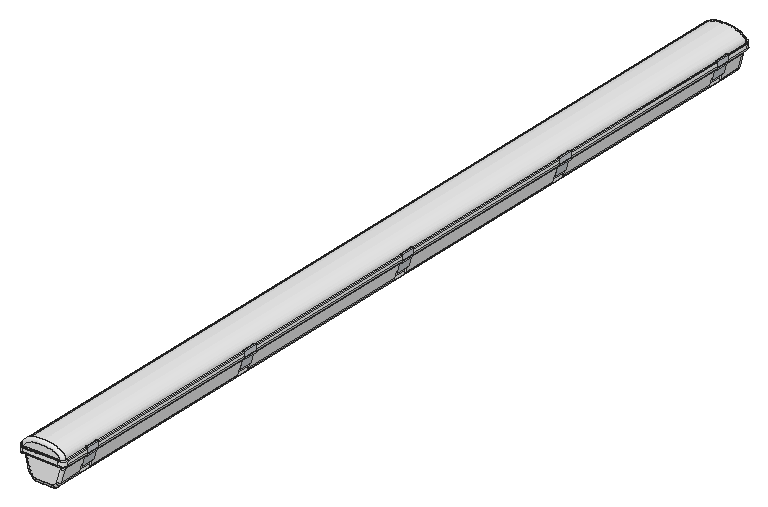
Revit family "0048722 Sylvania Lighting Fixture SYLPRF SUP LED G3 1500MM S 4K E3", category Lighting Fixtures, host Face, Revit 2016
Family settings
  Host = Face
  Part Type = Normal
  Round Connector Dimension = Use Diameter
  OmniClass Number = 23.80.70.11.14
  OmniClass Title = General Luminaries, Directional
  Cut with Voids When Loaded = No
  Light Source = Yes
  Shared = No
  Room Calculation Point = No
Parameters (values of type "0048722 SYLPRF SUP LED G3 1500MM S 4K E3")
  Width = 84 mm
  Weight = "2.26 kg"
  Wattage Comments = "n/a"
  Wattage = 33 W
  WarrantyStartDate [instance] = "n/a"
  WarrantyGuarantorParts = "n/a"
  WarrantyDurationUnit = "n/a"
  WarrantyDurationParts = "n/a"
  WarrantyDescription = "n/a"
  built-in parameter 1150110 = 1 (stored number, unit not read)
  Voltage = 230 V
  URL = "http://www.sylvania-lighting.com"
  TypeName = "SYLPRF SUP LED G3 1500MM S 4K E3"
  Type Image = <None>
  Type Comments = "n/a"
  built-in parameter 1114217 = 1 (stored number, unit not read)
  Tilt Angle = -90.00°
  built-in parameter 1150109 = 1 (stored number, unit not read)
  built-in parameter 1150134 = 12
  built-in parameter 1150113 = 1 (stored number, unit not read)
  SerialNumber [instance] = "n/a"
  ReflectorMaterial = none
  PowerFactor = 0
  PowerConsumption = "33 W"
  Photometric Web File = "0048722.ies"
  NominalWidth = 0 mm
  NominalLength = 1578 mm
  NominalHeight = 75 mm
  Name = "SYLPRF SUP LED G3 1500MM S 4K E3"
  ModelReference = "SYLPRF SUP LED G3 1500MM S 4K E3"
  ModelNumber = "0048722"
  Model = "SYLPRF SUP LED G3 1500MM S 4K E3"
  Material = "polycarbonate housing, polycarbonate diffuser"
  ManufacturerName = "Feilo Sylvania"
  Manufacturer = "Feilo Sylvania"
  LuminousEfficacy = "145 lm/W"
  built-in parameter 1150105 = 380.78 (stored number, unit not read)
  Lumens = 4785 lm
  LuminaireType = ""
  built-in parameter 1150115 = 1 (stored number, unit not read)
  LightOutputRatio = "n/a"
  built-in parameter 1150137 = (empty or 0)
  built-in parameter 1150139 = (empty or 0)
  Length = 1572 mm
  LampsType = Lamp  # "LED"
  LampNominalLuminous = "4800 lm"
  LampMacAdamStep = "3"
  LampColourTemperature = "4000 K"
  LampColourRenderingIndex = "80"
  built-in parameter 1150112 = 1 (stored number, unit not read)
  built-in parameter 1150114 = 1 (stored number, unit not read)
  Lamp = "LED"
  Keynote = "16500"
  InstallationDate [instance] = "n/a"
  InputVoltage = "220-240V~"
  InputNominalFrequency = "50/60 Hz"
  built-in parameter 1150132 = (empty or 0)
  built-in parameter 1150102 = (empty or 0)
  built-in parameter 1150107 = 4000 (stored number, unit not read)
  built-in parameter 1150138 = (empty or 0)
  IngressProtection = "IP65"
  ImpactProtectionIndex = "IK08"
  built-in parameter 1150106 = 3.8078 (stored number, unit not read)
  IfcExportType = "IfcLightFixtureType"
  IfcExportAs = "IfcLightFixtureType"
  ExpectedLife = 50000
  Emit from Rectangle Width = Width - 20 mm  # 64 mm
  Emit from Rectangle Length = Length - 20 mm  # 1552 mm
  Emit Shape Visible in Rendering = no
  ElectricShockClassification = "Class I"
  built-in parameter 1150104 = 13.471 (stored number, unit not read)
  DurationUnit = "hours"
  DocumentationLiterature = "http://www.sylvania-lighting.com/product/en-int/products/0048722"
  DimmingControlOptions = "Non dimmable"
  Dimming Lamp Color Temperature Shift = <None>
  DiffuserMaterial = Diffuser-Sylvania-Transparent
  Description = "Sylproof Superia, integrated LED weatherproof luminaire, with UV stabilized flat diffuser and linear prisms designed to achieve uniform lit appearance, optimise light output and to reduce glare, stainless steel diffuser clips and fixing brackets for surface and wall mounting. L 1578 mm x W 84 mm x H 75 mm size, Polycarbonate housing, Polycarbonate diffuser, Non dimmable,   3 hour emergency, 4000K, CRI80,  4800 lm, 33 W, 145 lm/W, nominal average life (h):50000, energy class: A++ A+ A Class I,IK08, IP65."
  Default Elevation = 1219.2 mm
  CreatedOn = "3/27/2018"
  CreatedBy = "aron.fodor@feilosylvania.com"
  Cost = 0
  Color Filter = 16777215
  built-in parameter 1114216 [instance] = (empty or 0)
  ClassificationValue = "EF_70_80"
  ClassificationName = "Uniclass2015"
  BodyMaterial = Body-Sylvania-Gray
  BarCode [instance] = "n/a"
  built-in parameter 1114218 = 1 (stored number, unit not read)
  built-in parameter 1150133 = 10 (stored number, unit not read)
  AssetType = "Fixed"
  AssetIdentifier [instance] = "n/a"
  Assembly Code = "D5020200"
  Apparent Load = 33 VA
  AccessoryMaterial = Diffuser-Sylvania-Glow
Types (2, lengths in mm): name | Wattage | PowerConsumption | Photometric Web File | built-in parameter 1150105 | Lumens | LampNominalLuminous | built-in parameter 1150106 | Apparent Load
  0048722 SYLPRF SUP LED G3 1500MM S 4K E3 | 33 W | "33 W" | "0048722.ies" | 380.78 (stored number, unit not read) | 4785 lm | "4800 lm" | 3.8078 (stored number, unit not read) | 33 VA
  0048722 SYLPRF SUP LED G3 1500MM S 4K E3 Emergency mode | 1.51724 W | "1.51 W" | "0048722EM.ies" | 17.507 (stored number, unit not read) | 220 lm | "220 lm" | 0.17507 (stored number, unit not read) | 1.51724 VA
Reference planes
  plane 1 "Center (Front/Back)": y = 0
  plane 2: z = 0
  plane 3 "Center (Left/Right)": x = 0
  plane 4: z = 54
  plane 5: x = -14.7
  plane 6: x = -21.8
  plane 7: x = -26.6
  plane 8: x = -29.2
  plane 9: z = 3
  plane 10: z = 7.8
  plane 11: z = 12.3
  plane 12: z = 36.6
  plane 13: z = 42.8
  plane 14: x = -38.1
  plane 15: z = 46.2
  plane 16: x = -42
  plane 17: y = 786
  plane 18: y = -786
  plane 19: x = 14.7
  plane 20: x = 21.8
  plane 21: x = 26.6
  plane 22: x = 29.2
  plane 23: x = 38.1
  plane 24: x = 42
  plane 25: y = 778.4
  plane 26: y = -778.4
  plane 27: y = -774.7
  plane 28: y = 774.7
  plane 29: z = 74
  plane 30: x = -38.5
  plane 31: x = 38.5
  plane 32: z = 55.2
  plane 33: y = -782.5
  plane 34: y = 782.5
  plane 35: x = -24.5
  plane 36: x = 24.5
  plane 37: x = -35.7
  plane 38: x = 35.7
  plane 39: z = 50.2
  plane 40: z = 24.6
  plane 41: y = -720
  plane 42: y = -734
  plane 43: y = -706
  plane 44: y = 720
  plane 45: y = -720
  plane 46: y = -734
  plane 47: y = -706
  plane 48: y = 720
  plane 49: y = 706
  plane 50: y = 734
  plane 51: y = -360
  plane 52: y = -374
  plane 53: y = -346
  plane 54: y = 0
  plane 55: y = -14
  plane 56: y = 14
  plane 57: y = 360
  plane 58: y = 346
  plane 59: y = 374
Forms (mm)
  Sweep 1, solid, material "Body-Sylvania-Gray" <- "BodyMaterial", detail levels medium+fine
    path origin (1223.4, -4572, 54) x (0, -1, 0) y (1, 0, 0)
      loop
        arc (-3796, -1265.4) -> (-3788.929, -1262.471) -> (-3786, -1255.4) r 10
        line (-3786, -1255.4) -> (-3786, -1191.4)
        arc (-3786, -1191.4) -> (-3788.929, -1184.329) -> (-3796, -1181.4) r 10
        line (-3796, -1181.4) -> (-5348, -1181.4)
        arc (-5348, -1181.4) -> (-5355.071, -1184.329) -> (-5358, -1191.4) r 10
        line (-5358, -1191.4) -> (-5358, -1255.4)
        arc (-5358, -1255.4) -> (-5355.071, -1262.471) -> (-5348, -1265.4) r 10
        line (-5348, -1265.4) -> (-3796, -1265.4)
    profile origin (-42, 0, 54) x (-1, 0, 0) y (0, 0, 1)
      loop
        line (0, 0) -> (-1, 0) -> (-1, -7.726)
        arc (-1, -7.726) -> (-1.994, -9.498) -> (-3.9, -10.2) r 2.937
        line (-3.9, -10.2) -> (-8.571, -10.2) -> (-8.571, -11.2) -> (-3.9, -11.2)
        arc (-3.9, -11.2) -> (-1.313, -10.231) -> (0, -7.8) r 3.937
        line (0, -7.8) -> (0, 0)
  Sweep 2, solid, material "Body-Sylvania-Gray" <- "BodyMaterial", detail levels medium+fine
    path origin (0, 0, 0) x (1, 0, 0) y (0, 0, 1)
      loop
        line (35.7, 42.8) -> (35.7, 36.6) -> (29.203, 12.31)
        arc (29.203, 12.31) -> (28.199, 9.884) -> (26.6, 7.8) r 10.052
        line (26.6, 7.8) -> (21.8, 3)
        arc (21.8, 3) -> (18.554, 0.781) -> (14.7, 0) r 9.902
        line (14.7, 0) -> (0, 0) -> (-14.7, 0)
        arc (-14.7, 0) -> (-18.554, 0.781) -> (-21.8, 3) r 9.902
        line (-21.8, 3) -> (-26.6, 7.8)
        arc (-26.6, 7.8) -> (-28.199, 9.884) -> (-29.203, 12.31) r 10.052
        line (-29.203, 12.31) -> (-35.7, 36.6) -> (-35.7, 42.8)
    profile origin (0, 0, 0) x (0, 0, -1) y (0, -1, 0)
      loop
        arc (0, 773.4) -> (-1.464, 776.936) -> (-5, 778.4) r 5
        line (-5, 778.4) -> (-7.8, 778.4) -> (-7.8, -778.4) -> (-5, -778.4)
        arc (-5, -778.4) -> (-1.464, -776.936) -> (0, -773.4) r 5
        line (0, -773.4) -> (0, 773.4)
  Extrusion 3, solid, material "Body-Sylvania-Gray" <- "BodyMaterial", detail levels medium+fine
    sketch origin (1524, 778.4, 1219.2) x (1, 0, 0) y (0, 0, 1)
      loop
        arc (-1545.668, -1204.874) -> (-1545.443, -1205.418) -> (-1545.085, -1205.885) r 2.252
        line (-1545.085, -1205.885) -> (-1540.231, -1210.738)
        arc (-1540.231, -1210.738) -> (-1539.534, -1211.227) -> (-1538.7, -1211.4) r 2.102
        line (-1538.7, -1211.4) -> (-1509.3, -1211.4)
        arc (-1509.3, -1211.4) -> (-1508.466, -1211.227) -> (-1507.769, -1210.738) r 2.102
        line (-1507.769, -1210.738) -> (-1502.915, -1205.885)
        arc (-1502.915, -1205.885) -> (-1502.557, -1205.418) -> (-1502.332, -1204.874) r 2.252
        line (-1502.332, -1204.874) -> (-1496.1, -1181.575) -> (-1496.1, -1176.4) -> (-1551.9, -1176.4) -> (-1551.9, -1181.575) -> (-1545.668, -1204.874)
    from 0 to 1556.8
  Sweep 4, solid, material "Diffuser-Sylvania-Transparent" <- "DiffuserMaterial", detail levels medium+fine
    path origin (0, 0, 0) x (1, 0, 0) y (0, 0, 1)
      loop
        spline (-38.5, 55.2) -> (-37.188, 60.066) -> (-33.342, 64.6) -> (-27.224, 68.494) -> (-19.25, 71.481) -> (-9.965, 73.359) -> (0, 74) -> (9.965, 73.359) -> (19.25, 71.481) -> (27.224, 68.494) -> (33.342, 64.6) -> (37.188, 60.066) -> (38.5, 55.2)
    profile origin (38.5, 0, 55.2) x (0, -1, 0) y (1, 0, 0)
      loop
        arc (782.5, -5.5) -> (780.889, -1.611) -> (777, 0) r 5.5
        line (777, 0) -> (-777, 0)
        arc (-777, 0) -> (-780.889, -1.611) -> (-782.5, -5.5) r 5.5
        line (-782.5, -5.5) -> (-782.5, -6.3) -> (-781.5, -6.3) -> (-781.5, -5.5)
        arc (-781.5, -5.5) -> (-780.182, -2.318) -> (-777, -1) r 4.5
        line (-777, -1) -> (777, -1)
        arc (777, -1) -> (780.182, -2.318) -> (781.5, -5.5) r 4.5
        line (781.5, -5.5) -> (781.5, -6.347) -> (782.5, -6.347) -> (782.5, -5.5)
  Extrusion 5, solid, material "Diffuser-Sylvania-Transparent" <- "DiffuserMaterial", detail levels medium+fine
    sketch origin (1524, -782.5, 1219.2) x (1, 0, 0) y (0, 0, 1)
      loop
        line (-1556.653, -1164) -> (-1491.347, -1164)
        spline (-1491.347, -1164) -> (-1491.939, -1161.945) -> (-1494.434, -1159.066) -> (-1499.342, -1155.96) -> (-1506.338, -1153.35) -> (-1514.799, -1151.648) -> (-1524, -1151.047) -> (-1533.201, -1151.648) -> (-1541.662, -1153.35) -> (-1548.658, -1155.96) -> (-1553.566, -1159.066) -> (-1556.061, -1161.945) -> (-1556.653, -1164)
    from 0 to -1
  Extrusion 6, solid, material "Diffuser-Sylvania-Transparent" <- "DiffuserMaterial", detail levels medium+fine
    sketch origin (1524, 782.5, 1219.2) x (1, 0, 0) y (0, 0, 1)
      loop
        spline (-1491.3, -1164) -> (-1491.898, -1161.922) -> (-1494.404, -1159.03) -> (-1499.322, -1155.918) -> (-1506.325, -1153.305) -> (-1514.793, -1151.602) -> (-1524, -1151) -> (-1533.207, -1151.602) -> (-1541.675, -1153.305) -> (-1548.678, -1155.918) -> (-1553.596, -1159.03) -> (-1556.102, -1161.922) -> (-1556.7, -1164)
        line (-1556.7, -1164) -> (-1491.3, -1164)
    from 0 to 1
  Extrusion 7, solid, material "Diffuser-Sylvania-Glow" <- "AccessoryMaterial", detail levels fine
    sketch origin (0, 0, 0) x (1, 0, 0) y (0, 0, 1)
      loop
        circle (0, 50.2) r 8
    from -774.7 to 774.7
  Extrusion 8, void
    sketch origin (0, -720, 2343.807) x (0, 0, -1) y (-1, 0, 0)
      loop
        line (2340.807, -24.5) -> (2331.507, -24.5) -> (2319.207, -29.2) -> (2319.207, -35.7) -> (2340.807, -35.7) -> (2340.807, -24.5)
      loop
        line (2340.807, 24.5) -> (2340.807, 35.7) -> (2319.207, 35.7) -> (2319.207, 29.2) -> (2331.507, 24.5) -> (2340.807, 24.5)
    from 14 to -14
  Extrusion 9, void, not visible
    sketch origin (0, -720, 2343.807) x (0, 0, -1) y (-1, 0, 0)
      loop
        line (2340.807, -24.5) -> (2331.507, -24.5) -> (2319.207, -29.2) -> (2319.207, -35.7) -> (2340.807, -35.7) -> (2340.807, -24.5)
      loop
        line (2340.807, 24.5) -> (2340.807, 35.7) -> (2319.207, 35.7) -> (2319.207, 29.2) -> (2331.507, 24.5) -> (2340.807, 24.5)
    from 14 to -14
  Extrusion 10, void
    sketch origin (0, 720, 2343.807) x (0, 0, -1) y (-1, 0, 0)
      loop
        line (2340.807, -24.5) -> (2331.507, -24.5) -> (2319.207, -29.2) -> (2319.207, -35.7) -> (2340.807, -35.7) -> (2340.807, -24.5)
      loop
        line (2340.807, 24.5) -> (2340.807, 35.7) -> (2319.207, 35.7) -> (2319.207, 29.2) -> (2331.507, 24.5) -> (2340.807, 24.5)
    from 14 to -14
  Extrusion 11, void
    sketch origin (0, -360, 2343.807) x (0, 0, -1) y (-1, 0, 0)
      loop
        line (2340.807, -24.5) -> (2331.507, -24.5) -> (2319.207, -29.2) -> (2319.207, -35.7) -> (2340.807, -35.7) -> (2340.807, -24.5)
      loop
        line (2340.807, 24.5) -> (2340.807, 35.7) -> (2319.207, 35.7) -> (2319.207, 29.2) -> (2331.507, 24.5) -> (2340.807, 24.5)
    from 14 to -14
  Extrusion 12, void
    sketch origin (0, 0, 2343.807) x (0, 0, -1) y (-1, 0, 0)
      loop
        line (2340.807, -24.5) -> (2331.507, -24.5) -> (2319.207, -29.2) -> (2319.207, -35.7) -> (2340.807, -35.7) -> (2340.807, -24.5)
      loop
        line (2340.807, 24.5) -> (2340.807, 35.7) -> (2319.207, 35.7) -> (2319.207, 29.2) -> (2331.507, 24.5) -> (2340.807, 24.5)
    from 14 to -14
  Extrusion 13, void
    sketch origin (0, 360, 2343.807) x (0, 0, -1) y (-1, 0, 0)
      loop
        line (2340.807, -24.5) -> (2331.507, -24.5) -> (2319.207, -29.2) -> (2319.207, -35.7) -> (2340.807, -35.7) -> (2340.807, -24.5)
      loop
        line (2340.807, 24.5) -> (2340.807, 35.7) -> (2319.207, 35.7) -> (2319.207, 29.2) -> (2331.507, 24.5) -> (2340.807, 24.5)
    from 14 to -14
  Extrusion 14, solid, material "Diffuser-Sylvania-Transparent" <- "DiffuserMaterial", detail levels medium+fine
    sketch origin (1223.4, -4572, 54) x (0, -1, 0) y (-1, 0, 0)
      loop
        arc (-5348, 1265.4) -> (-5355.071, 1262.471) -> (-5358, 1255.4) r 10
        line (-5358, 1255.4) -> (-5358, 1191.4)
        arc (-5358, 1191.4) -> (-5355.071, 1184.329) -> (-5348, 1181.4) r 10
        line (-5348, 1181.4) -> (-3796, 1181.4)
        arc (-3796, 1181.4) -> (-3788.929, 1184.329) -> (-3786, 1191.4) r 10
        line (-3786, 1191.4) -> (-3786, 1255.4)
        arc (-3786, 1255.4) -> (-3788.929, 1262.471) -> (-3796, 1265.4) r 10
        line (-3796, 1265.4) -> (-5348, 1265.4)
      loop
        arc (-5354.5, 1190.394) -> (-5352.887, 1186.509) -> (-5349, 1184.9) r 5.5
        line (-5349, 1184.9) -> (-3795, 1184.9)
        arc (-3795, 1184.9) -> (-3791.113, 1186.509) -> (-3789.5, 1190.394) r 5.5
        line (-3789.5, 1190.394) -> (-3789.5, 1256.406)
        arc (-3789.5, 1256.406) -> (-3791.113, 1260.291) -> (-3795, 1261.9) r 5.5
        line (-3795, 1261.9) -> (-5349, 1261.9)
        arc (-5349, 1261.9) -> (-5352.887, 1260.291) -> (-5354.5, 1256.406) r 5.5
        line (-5354.5, 1256.406) -> (-5354.5, 1190.394)
    from 0 to -1.2
  Extrusion 15, solid, material "Body-Sylvania-Gray" <- "BodyMaterial", detail levels coarse
    sketch origin (0, 0, 0) x (1, 0, 0) y (0, 0, 1)
      loop
        line (-42, 55.2) -> (-42, 42.8) -> (-26.6, 0) -> (26.6, 0) -> (42, 42.8) -> (42, 55.2) -> (-42, 55.2)
    from -786 to 786
  Extrusion 16, solid, material "Diffuser-Sylvania-Transparent" <- "DiffuserMaterial", detail levels coarse
    sketch origin (0, 0, 0) x (1, 0, 0) y (0, 0, 1)
      loop
        line (-38.5, 55.2) -> (38.5, 55.2)
        arc (38.5, 55.2) -> (0, 74) -> (-38.5, 55.2) r 48.822
    from -778.4 to 778.4
Cuts and joins
  Extrusion 8, Extrusion 10, Extrusion 11, Extrusion 12, Extrusion 13 cuts Sweep 2
  Extrusion 8, Extrusion 10, Extrusion 11, Extrusion 12, Extrusion 13 cuts Extrusion 3
  joined: Sweep 2, Extrusion 3
  joined: Sweep 4, Extrusion 5, Extrusion 6, Extrusion 14
Dimensions and locks
  locked: plane 4 to plane 2 at 54
  plane 5 to plane 6 to plane 7 to plane 8 to plane 14 to plane 16 = 7.1 mm locked, 4.8 mm locked, 2.6 mm locked, 8.9 mm locked, 3.9 mm locked
  plane 4 to plane 15 to plane 13 to plane 12 to plane 11 to plane 10 to plane 9 = 7.8 mm locked, 3.4 mm, 6.2 mm locked, 24.3 mm locked, 4.5 mm locked, 4.8 mm locked
  equal spacing: plane 18, plane 1 "Center (Front/Back)", plane 17
  "Length": plane 18 to plane 17
  plane 19 to plane 20 to plane 21 to plane 22 to plane 23 to plane 24 = 7.1 mm locked, 4.8 mm locked, 2.6 mm locked, 8.9 mm, 3.9 mm
  equal spacing: plane 24, plane 3 "Center (Left/Right)", plane 16
  "Width": plane 24 to plane 16
  equal spacing: plane 27, plane 1 "Center (Front/Back)", plane 28
  locked: plane 26 to plane 27 at 3.7
  locked: Sweep 1 sketch curve to profile plane at 1
  locked: Sweep 1 sketch curve to plane 13 at 1
  locked: Sweep 1 sketch curve to plane 13 at 3.937  (x2)
  locked: Sweep 1 sketch curve to profile plane at 3.9  (x2)
  plane 29 to plane 4 = 20 mm
  equal spacing: plane 31, plane 3 "Center (Left/Right)", plane 30
  locked: plane 30 to plane 16 at 3.5
  locked: plane 32 to plane 4 at 1.2
  equal spacing: plane 33, plane 1 "Center (Front/Back)", plane 34
  equal spacing: plane 36, plane 3 "Center (Left/Right)", plane 35
  locked: plane 34 to plane 17 at 3.5
  equal spacing: plane 38, plane 3 "Center (Left/Right)", plane 37
  locked: plane 37 to plane 16 at 6.3
  equal spacing: plane 25, plane 1 "Center (Front/Back)", plane 26
  locked: plane 17 to plane 25 at 7.6
  locked: Sweep 2 sketch curve to plane 2 at 5  (x2)
  locked: Sweep 2 sketch curve to plane 26 at 5
  locked: plane 25 to Sweep 2 sketch curve at 5
  locked: Sweep 4 sketch curve to plane 31 at 5.5  (x2)
  locked: Sweep 4 sketch curve to plane 34 at 5.5
  plane 33 to Sweep 4 sketch curve = 5.5 mm
  locked: plane 34 to Sweep 4 sketch curve at 1
  locked: Sweep 4 sketch curve to plane 31 at 1
  locked: Sweep 4 sketch curve to Sweep 4 sketch curve at 1
  locked: Sweep 4 sketch curve to plane 31 at 6.347
  locked: Sweep 4 sketch curve to plane 31 at 6.3
  locked: plane 40 to plane 2 at 24.6
  locked: plane 6 to plane 35 at 2.7
  locked: plane 1 "Center (Front/Back)" to plane 41 at 720
  plane 43 to plane 41 to plane 42 = 14 mm locked, 14 mm locked
  locked: plane 44 to plane 1 "Center (Front/Back)" at 720
  plane 47 to plane 45 to plane 46 = 14 mm locked, 14 mm locked
  plane 50 to plane 48 to plane 49 = 14 mm locked, 14 mm locked  (x2)
  equal spacing: group 1, group 6, group 7, group 8, group 5  (x3)
  plane 53 to plane 51 to plane 52 = 14 mm locked, 14 mm locked  (x2)
  plane 56 to plane 54 to plane 55 = 14 mm locked, 14 mm locked  (x2)
  plane 59 to plane 57 to plane 58 = 14 mm locked, 14 mm locked  (x2)
  plane 48 to plane 57 to plane 1 "Center (Front/Back)" to plane 51 to plane 41 = 360 mm locked, 360 mm locked, 360 mm locked, 360 mm locked
  aligned and locked: plane 2 to host face
  aligned and locked: level to host face
  aligned and locked: plane 16 to Sweep 1 sketch curve
  aligned and locked: Sweep 1 sketch curve to plane 24
  aligned and locked: plane 18 to Sweep 1 sketch curve
  aligned and locked: Sweep 1 sketch curve to plane 13
  aligned and locked: profile plane to Sweep 1 sketch curve
  aligned and locked: plane 3 "Center (Left/Right)" to Sweep 2 sketch curve
  aligned and locked: plane 9 to Sweep 2 sketch curve
  aligned and locked: plane 10 to Sweep 2 sketch curve
  aligned and locked: plane 37 to Sweep 2 sketch curve
  aligned and locked: plane 12 to Sweep 2 sketch curve
  aligned and locked: Sweep 2 sketch curve to level
  aligned and locked: plane 21 to Sweep 2 sketch curve
  aligned and locked: plane 38 to Sweep 2 sketch curve
  aligned and locked: profile plane to Sweep 2 sketch curve
  aligned and locked: plane 25 to Sweep 2 sketch curve
  aligned and locked: Sweep 2 sketch curve to plane 10
  aligned and locked: Extrusion 3 sketch curve to Sweep 2  (x7)
  aligned and locked: Sweep 2 to Extrusion 3 sketch curve
  aligned and locked: Extrusion 3 to plane 25
  aligned and locked: plane 26 to Extrusion 3
  aligned and locked: plane 32 to Sweep 4 sketch curve
  aligned and locked: plane 33 to Sweep 4 sketch curve
  aligned and locked: Sweep 4 to Extrusion 5
  aligned and locked: plane 33 to Extrusion 5
  aligned and locked: plane 39 to Extrusion 7 sketch curve
  aligned and locked: plane 27 to Extrusion 7
  aligned and locked: Extrusion 7 to plane 28
  aligned and locked: Extrusion 6 sketch curve to Sweep 4
  aligned and locked: Extrusion 5 sketch curve to Sweep 4
  aligned and locked: Extrusion 8 to plane 43
  aligned and locked: plane 42 to Extrusion 8
  aligned and locked: Extrusion 10 to plane 50
  aligned and locked: plane 49 to Extrusion 10
  aligned and locked: Extrusion 11 to plane 53
  aligned and locked: plane 52 to Extrusion 11
  aligned and locked: Extrusion 12 to plane 56
  aligned and locked: plane 55 to Extrusion 12
  aligned and locked: Extrusion 13 to plane 59
  aligned and locked: plane 58 to Extrusion 13
  aligned and locked: plane 3 "Center (Left/Right)" to Extrusion 7 sketch curve
  aligned and locked: Extrusion 14 sketch curve to Sweep 1  (x4)
  aligned and locked: Extrusion 14 to plane 32
  aligned and locked: plane 4 to Extrusion 14
  aligned and locked: plane 48 to nested 1
  aligned and locked: plane 57 to nested 2
  aligned and locked: plane 54 to nested 3
  aligned and locked: nested 4 to plane 51
  aligned and locked: nested 5 to plane 41
  aligned and locked: plane 41 to nested 10
  aligned and locked: plane 51 to nested 9
  aligned and locked: plane 54 to nested 8
  aligned and locked: plane 57 to nested 7
  aligned and locked: plane 48 to nested 6
  aligned and locked: plane 1 "Center (Front/Back)" to imposter light
  aligned and locked: plane 3 "Center (Left/Right)" to imposter light
  aligned and locked: imposter light to plane 29
  aligned and locked: plane 7 to Extrusion 15 sketch curve
  aligned and locked: plane 2 to Extrusion 15 sketch curve
  aligned and locked: Extrusion 15 sketch curve to nested 6
  aligned and locked: Extrusion 15 sketch curve to nested 1
  aligned and locked: plane 18 to Extrusion 15
  aligned and locked: Extrusion 15 to plane 17
  aligned and locked: Extrusion 15 to Sweep 1  (x2)
  aligned and locked: plane 30 to Extrusion 16 sketch curve
  aligned and locked: plane 31 to Extrusion 16 sketch curve
  aligned and locked: Extrusion 16 sketch curve to cut or joined group of Sweep 4, Extrusion 5, Extrusion 6, Extrusion 14
  aligned and locked: Extrusion 16 to plane 25
  aligned and locked: plane 26 to Extrusion 16
Automatic sketch dimensions
  host sketch curve to host sketch curve = 2438.4 mm  (x2)
  plane 17 to Sweep 1 sketch curve = 0 mm
  Sweep 1 sketch curve to plane 28 = 1.3 mm
  Sweep 1 sketch curve to plane 7 = 5.4 mm
  plane 27 to Sweep 1 sketch curve = 1.3 mm  (x2)
  Sweep 1 sketch curve to Sweep 1 sketch curve = 4.671 mm
  Sweep 1 sketch curve to plane 4 = 0 mm
  Sweep 2 sketch curve to plane 7 = 0 mm
  Sweep 2 sketch curve to plane 6 = 0 mm
  Sweep 2 sketch curve to plane 5 = 0 mm
  plane 19 to Sweep 2 sketch curve = 0 mm
  Sweep 2 sketch curve to plane 9 = 0 mm
  plane 20 to Sweep 2 sketch curve = 0 mm
  Sweep 2 sketch curve to plane 12 = 0 mm
  Sweep 2 sketch curve to plane 10 = 0 mm
  Sweep 2 sketch curve to plane 13 = 0 mm  (x2)
  Sweep 2 sketch curve to plane 8 = 0.003 mm
  plane 6 to Sweep 2 sketch curve = 2.308 mm
  plane 20 to Sweep 2 sketch curve = 2.308 mm
  Sweep 2 sketch curve to plane 22 = 0.003 mm
  Sweep 2 sketch curve to plane 11 = 0.01 mm  (x2)
  Extrusion 3 sketch curve to plane 5 = 0 mm
  plane 19 to Extrusion 3 sketch curve = 0 mm
  plane 6 to Extrusion 3 sketch curve = 0.132 mm
  plane 6 to Extrusion 3 sketch curve = 0.715 mm
  Extrusion 3 sketch curve to Extrusion 3 sketch curve = 1.592 mm
  Extrusion 3 sketch curve to plane 10 = 0.662 mm  (x2)
  plane 20 to Extrusion 3 sketch curve = 2.308 mm
  plane 20 to Extrusion 3 sketch curve = 0.715 mm
  plane 20 to Extrusion 3 sketch curve = 0.132 mm
  Sweep 4 sketch curve to plane 30 = 0 mm
  Sweep 4 sketch curve to plane 3 "Center (Left/Right)" = 0 mm
  Sweep 4 sketch curve to Sweep 4 sketch curve = 0 mm  (x2)
  plane 37 to Extrusion 6 sketch curve = 3 mm
  Extrusion 6 sketch curve to plane 38 = 3 mm
  plane 37 to Extrusion 5 sketch curve = 3.047 mm
  Extrusion 5 sketch curve to plane 38 = 3.047 mm
  Extrusion 8 sketch curve to Extrusion 8 sketch curve = 0 mm
  Extrusion 8 sketch curve to Extrusion 8 sketch curve = 12.3 mm  (x2)
  Extrusion 8 sketch curve to Extrusion 8 sketch curve = 9.3 mm  (x2)
  Extrusion 8 sketch curve to Extrusion 8 sketch curve = 6.5 mm  (x2)
  Extrusion 8 sketch curve to Extrusion 8 sketch curve = 4.7 mm  (x2)
  Extrusion 8 sketch curve to Extrusion 8 sketch curve = 49 mm
  Extrusion 9 sketch curve to Extrusion 9 sketch curve = 0 mm
  Extrusion 9 sketch curve to Extrusion 9 sketch curve = 12.3 mm  (x2)
  Extrusion 9 sketch curve to Extrusion 9 sketch curve = 9.3 mm  (x2)
  Extrusion 9 sketch curve to Extrusion 9 sketch curve = 6.5 mm  (x2)
  Extrusion 9 sketch curve to Extrusion 9 sketch curve = 4.7 mm  (x2)
  Extrusion 9 sketch curve to Extrusion 9 sketch curve = 49 mm
  Extrusion 10 sketch curve to Extrusion 10 sketch curve = 0 mm
  Extrusion 10 sketch curve to Extrusion 10 sketch curve = 12.3 mm  (x2)
  Extrusion 10 sketch curve to Extrusion 10 sketch curve = 9.3 mm  (x2)
  Extrusion 10 sketch curve to Extrusion 10 sketch curve = 6.5 mm  (x2)
  Extrusion 10 sketch curve to Extrusion 10 sketch curve = 4.7 mm  (x2)
  Extrusion 10 sketch curve to Extrusion 10 sketch curve = 49 mm
  Extrusion 11 sketch curve to Extrusion 11 sketch curve = 0 mm
  Extrusion 11 sketch curve to Extrusion 11 sketch curve = 12.3 mm  (x2)
  Extrusion 11 sketch curve to Extrusion 11 sketch curve = 9.3 mm  (x2)
  Extrusion 11 sketch curve to Extrusion 11 sketch curve = 6.5 mm  (x2)
  Extrusion 11 sketch curve to Extrusion 11 sketch curve = 4.7 mm  (x2)
  Extrusion 11 sketch curve to Extrusion 11 sketch curve = 49 mm
  Extrusion 12 sketch curve to Extrusion 12 sketch curve = 0 mm
  Extrusion 12 sketch curve to Extrusion 12 sketch curve = 12.3 mm  (x2)
  Extrusion 12 sketch curve to Extrusion 12 sketch curve = 9.3 mm  (x2)
  Extrusion 12 sketch curve to Extrusion 12 sketch curve = 6.5 mm  (x2)
  Extrusion 12 sketch curve to Extrusion 12 sketch curve = 4.7 mm  (x2)
  Extrusion 12 sketch curve to Extrusion 12 sketch curve = 49 mm
  Extrusion 13 sketch curve to Extrusion 13 sketch curve = 0 mm
  Extrusion 13 sketch curve to Extrusion 13 sketch curve = 12.3 mm  (x2)
  Extrusion 13 sketch curve to Extrusion 13 sketch curve = 9.3 mm  (x2)
  Extrusion 13 sketch curve to Extrusion 13 sketch curve = 6.5 mm  (x2)
  Extrusion 13 sketch curve to Extrusion 13 sketch curve = 4.7 mm  (x2)
  Extrusion 13 sketch curve to Extrusion 13 sketch curve = 49 mm
  Extrusion 14 sketch curve to plane 34 = 0 mm
  plane 30 to Extrusion 14 sketch curve = 0 mm
  Extrusion 14 sketch curve to plane 31 = 0 mm
  plane 33 to Extrusion 14 sketch curve = 0 mm
  plane 25 to Extrusion 14 sketch curve = 1.4 mm  (x4)
  Extrusion 14 sketch curve to plane 26 = 1.4 mm  (x4)
  plane 37 to Extrusion 14 sketch curve = 2.694 mm  (x2)
  Extrusion 14 sketch curve to plane 38 = 2.694 mm  (x2)
  plane 21 to Extrusion 15 sketch curve = 0 mm
  Extrusion 15 sketch curve to plane 13 = 0 mm  (x2)
  Extrusion 15 sketch curve to plane 32 = 0 mm
  Extrusion 16 sketch curve to plane 40 = 0.578 mm
  radius of Extrusion 7 sketch curve = 8 mm
Nested families
  nested 1: "Clip" at (-29.2, 720, 24.6) x (-1, 0, 0) z (0, 0, 1), type "Clip", detail levels fine
  nested 2: "Clip" at (-29.2, 360, 24.6) x (-1, 0, 0) z (0, 0, 1), type "Clip", detail levels fine
  nested 3: "Clip" at (-29.2, 0, 24.6) x (-1, 0, 0) z (0, 0, 1), type "Clip", detail levels fine
  nested 4: "Clip" at (-29.2, -360, 24.6) x (-1, 0, 0) z (0, 0, 1), type "Clip", detail levels fine
  nested 5: "Clip" at (-29.2, -720, 24.6) x (-1, 0, 0) z (0, 0, 1), type "Clip", detail levels fine
  nested 6: "Clip" at (29.2, 720, 24.6), type "Clip", detail levels fine
  nested 7: "Clip" at (29.2, 360, 24.6), type "Clip", detail levels fine
  nested 8: "Clip" at (29.2, 0, 24.6), type "Clip", detail levels fine
  nested 9: "Clip" at (29.2, -360, 24.6), type "Clip", detail levels fine
  nested 10: "Clip" at (29.2, -720, 24.6), type "Clip", detail levels fine
Connectors
  electrical at (0, 0, 0), driven by "Apparent Load"
    settings: index 1, voltage 230 V, apparent load 33 VA, apparent load phase1 0 VA, apparent load phase2 0 VA, apparent load phase3 0 VA, power factor 0, load classification "Lighting", number of poles 1, system type 30, power factor state 1, is connector primary yes, connector utility no, sub classification motor no, connector description ""
Definition of nested family "Clip"
  Parameters (values of type "Clip")
    URL = "http://www.feilosylvania.com"
    Type Comments = "n/a"
    Model = "n/a"
    Manufacturer = "Feilo Sylvania"
    Keynote = "n/a"
    Description = "n/a"
    Default Elevation = 1219.2 mm
    Cost = 0
    BodyMaterial = none
    Assembly Code = "n/a"
  Reference planes
    plane 1 "Center (Front/Back)": y = 0
    plane 2: z = 0
    plane 3 "Center (Left/Right)": x = 0
    plane 4: x = 3.3
    plane 5: x = 6.5
    plane 6: x = 8.9
    plane 7: x = 12.8
    plane 8: z = 12
    plane 9: z = 18.2
    plane 10: z = 21.6
    plane 11: z = 30.6
    plane 12: x = 9.3
    plane 13: z = 19.2
    plane 14: z = 16.2
    plane 15: x = 10.1
    plane 16: y = 12
    plane 17: y = -12
  Forms (mm)
    Extrusion 1, solid
      sketch origin (-0.8, 0, 0) x (1, 0, 0) y (0, 1, 0)
        loop
          line (-1219.2, 1219.2) -> (-1219.2, -1219.2) -> (1219.2, -1219.2) -> (1219.2, 1219.2) -> (-1219.2, 1219.2)
      from 0 to -304.8
    Extrusion 2, solid
      sketch origin (0, 0, 0) x (1, 0, 0) y (0, 0, 1)
        loop
          line (8.9, 16.2) -> (4.58, 0) -> (0, 0) -> (0, -0.8) -> (5.195, -0.8) -> (9.603, 15.731) -> (13.6, 18.806) -> (13.6, 30.6)
          arc (13.6, 30.6) -> (11.45, 32.75) -> (9.3, 30.6) r 2.15
          line (9.3, 30.6) -> (10.1, 30.6)
          arc (10.1, 30.6) -> (11.45, 31.95) -> (12.8, 30.6) r 1.35
          line (12.8, 30.6) -> (12.8, 19.2) -> (8.9, 16.2)
      from -12 to 12
  Lines and regions (mm)
    reference lines
      curve 1: line (3.3, 0, 0) -> (6.5, 0, 12)
      curve 2: arc (8.9, 0, 18.2) -> (11.488, 0, 19.169) -> (12.8, 0, 21.6) r 3.934
  Dimensions and locks
    plane 7 to plane 6 to plane 5 to plane 4 to plane 3 "Center (Left/Right)" = 3.9 mm locked, 2.4 mm locked, 3.2 mm locked, 3.3 mm locked
    plane 11 to plane 10 to plane 9 to plane 8 to plane 2 = 9 mm locked, 3.4 mm locked, 6.2 mm locked, 12 mm locked
    locked: plane 7 to plane 12 at 3.5
    locked: plane 13 to plane 9 at 1
    locked: plane 9 to plane 14 at 2
    locked: plane 15 to plane 12 at 0.8
    locked: plane 2 to Extrusion 2 sketch curve at 0.8
    locked: Extrusion 2 sketch curve to Extrusion 2 sketch curve at 0.8  (x3)
    locked: plane 7 to Extrusion 2 sketch curve at 1.35
    equal spacing: plane 17, plane 1 "Center (Front/Back)", plane 16
    locked: plane 1 "Center (Front/Back)" to plane 16 at 12
    aligned and locked: plane 2 to Extrusion 1
    aligned and locked: level to Extrusion 1
    aligned and locked: plane 4 to curve 1
    aligned and locked: plane 5 to curve 1
    aligned and locked: plane 6 to curve 2
    aligned and locked: plane 10 to curve 2
    aligned and locked: plane 14 to Extrusion 2 sketch curve
    aligned and locked: plane 13 to Extrusion 2 sketch curve
    aligned and locked: plane 7 to Extrusion 2 sketch curve
    aligned and locked: plane 3 "Center (Left/Right)" to Extrusion 2 sketch curve
    aligned and locked: Extrusion 2 sketch curve to level
    aligned and locked: Extrusion 2 sketch curve to plane 11
    aligned and locked: plane 11 to Extrusion 2 sketch curve
    aligned and locked: Extrusion 2 to plane 16
    aligned and locked: plane 17 to Extrusion 2
  Automatic sketch dimensions
    Extrusion 1 sketch curve to Extrusion 1 sketch curve = 2438.4 mm  (x2)
    curve 2 to plane 7 = 0 mm
    curve 1 to level = 0 mm
    curve 1 to plane 8 = 0 mm
    curve 2 to plane 9 = 0 mm
    plane 6 to curve 2 = 0.002 mm
    Extrusion 2 sketch curve to Extrusion 2 sketch curve = 0 mm
    Extrusion 2 sketch curve to plane 6 = 0 mm
    plane 4 to Extrusion 2 sketch curve = 1.28 mm
